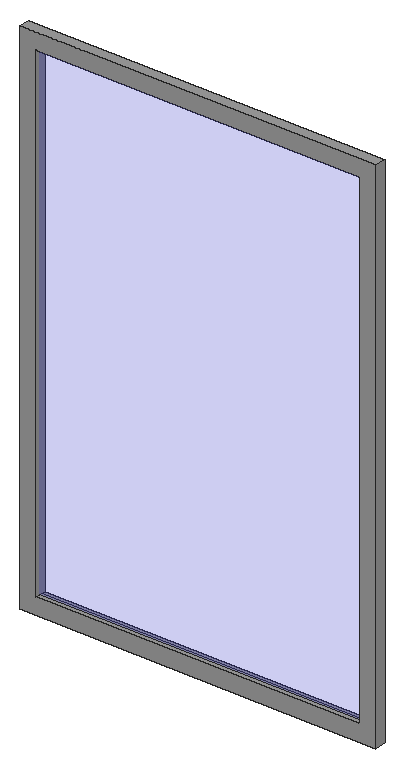
Revit family "M_Toldo de parede cortina", category Janelas, Revit 2019
Family settings
  Número OmniClass = 23.30.20.17.21.11
  Título OmniClass = Awning Windows
  ID de item do Seek = Curtain Wall Awning-0000-CAN-ENU
  Sempre na vertical = Sim
  Corte com vazios quando carregada = Não
  Compartilhado = Não
  Ponto de cálculo do ambiente = Não
Parameters
  Visual Light Transmittance = 0.9
  Solar Heat Gain Coefficient = 0.78
  ID do tipo de construção = ""
  Coeficiente de transferência de calor (U) = 3.6886 W/(m²·K)
  Material do painel de vidro = Vidro
  Deslocamento = 75 mm
  Material do caixilho = Alumín. 1
  Largura do caixilho = 75 mm
  Espessura = 50 mm
  Construção analítica = Vidraça única Pilkington 1/8 pol
Reference planes
  plane 1: y = 0
  plane 2: z = 0
  plane 3: x = 0
  plane 4: x = -831.877
  plane 5: x = 831.877
  plane 6: z = 2438.4
  plane 7: y = 75
  plane 8: y = 25
  plane 9: z = 2363.4
  plane 10: z = 75
  plane 11: x = 756.877
  plane 12: x = -756.877
  plane 13 "Fechamento": y = 44.05
Forms (mm)
  Extrusion 1, solid, material "Alumín. 1" <- "Material do caixilho"
    sketch origin (0, 0, 0) x (0, 0, -1) y (1, 0, 0)
      loop
        line (-2438.4, 831.877) -> (-2438.4, -831.877) -> (0, -831.877) -> (0, 831.877) -> (-2438.4, 831.877)
      loop
        line (-2363.4, 756.877) -> (-2363.4, -756.877) -> (-75, -756.877) -> (-75, 756.877) -> (-2363.4, 756.877)
    from -75 to -25
  Extrusion 2, solid, material "Vidro" <- "Material do painel de vidro"
    sketch origin (0, 25, 0) x (0, 0, -1) y (1, 0, 0)
      loop
        line (-2363.4, -756.877) -> (-75, -756.877) -> (-75, 756.877) -> (-2363.4, 756.877) -> (-2363.4, -756.877)
    from -31.75 to -19.05
Lines and regions (mm)
  symbolic lines, style "WindowsFrameMullionProjection"
    curve 1: line (756.877, 75, 0) -> (-756.877, 75, 0)
    curve 2: line (831.877, 25, 0) -> (831.877, 75, 0)
    curve 3: line (-756.877, 25, 0) -> (756.877, 25, 0)
    curve 4: line (-831.877, 75, 0) -> (-831.877, 25, 0)
    curve 9: line (-831.877, 75, 0) -> (-756.877, 75, 0)
    curve 10: line (-831.877, 25, 0) -> (-831.877, 75, 0)
    curve 11: line (-756.877, 25, 0) -> (-831.877, 25, 0)
    curve 12: line (-756.877, 75, 0) -> (-756.877, 25, 0)
    curve 13: line (831.877, 75, 0) -> (756.877, 75, 0)
    curve 14: line (831.877, 25, 0) -> (831.877, 75, 0)
    curve 15: line (756.877, 25, 0) -> (831.877, 25, 0)
    curve 16: line (756.877, 75, 0) -> (756.877, 25, 0)
  symbolic lines, style "Giro da elevação"
    curve 5: line (756.877, 0, 75) -> (7.617, 0, 2363.4)
    curve 6: line (-756.877, 0, 75) -> (7.617, 0, 2363.4)
    curve 7: line (756.877, 75, 75) -> (7.617, 75, 2363.4)
    curve 8: line (-756.877, 75, 75) -> (7.617, 75, 2363.4)
  symbolic lines, style "WindowsGlassProjection"
    curve 17: line (-756.877, 49.6, 0) -> (756.877, 49.6, 0)
Text (mm)
  text "Exterior" at (-205.379, 797.241, 0), in view "Linha base"
Dimensions and locks
  equal spacing: plane 4, plane 3, plane 5
  "Deslocamento": plane 1 to plane 7
  "Espessura": plane 8 to plane 7
  "Largura do caixilho": plane 11 to plane 5
  "Largura do caixilho": plane 4 to plane 12
  "Largura do caixilho": plane 9 to plane 6
  "Largura do caixilho": plane 2 to plane 10
  Extrusion 2 to Extrusion 2 to plane 7 = 12.7 mm, 18.25 mm
  locked: plane 13 "Fechamento" to plane 7 at 30.95
  aligned and locked: Extrusion 1 to plane 7
  aligned and locked: plane 8 to Extrusion 1
Automatic sketch dimensions
  Extrusion 1 sketch curve to plane 4 = 0 mm
  Extrusion 1 sketch curve to plane 6 = 0 mm
  Extrusion 1 sketch curve to plane 9 = 0 mm
  Extrusion 1 sketch curve to plane 10 = 0 mm
  Extrusion 1 sketch curve to level = 0 mm
  Extrusion 1 sketch curve to plane 12 = 0 mm
  Extrusion 1 sketch curve to plane 11 = 0 mm
  Extrusion 1 sketch curve to plane 5 = 0 mm
  Extrusion 2 sketch curve to plane 9 = 0 mm
  Extrusion 2 sketch curve to plane 10 = 0 mm
  Extrusion 2 sketch curve to plane 12 = 0 mm
  Extrusion 2 sketch curve to plane 11 = 0 mm
  curve 5 to plane 9 = 0 mm
  curve 7 to plane 9 = 0 mm
  curve 7 to plane 10 = 0 mm
  curve 8 to plane 10 = 0 mm
  curve 6 to plane 10 = 0 mm
  curve 5 to plane 10 = 0 mm
  curve 6 to plane 12 = 0 mm
  curve 8 to plane 12 = 0 mm
  curve 7 to plane 11 = 0 mm
  curve 5 to plane 11 = 0 mm
  plane 3 to curve 6 = 7.617 mm
  curve 7 to curve 6 = 0 mm
  curve 11 to plane 4 = 0 mm
  curve 12 to plane 7 = 0 mm
  curve 12 to plane 12 = 0 mm
  curve 3 to plane 8 = 0 mm
  curve 1 to plane 11 = 0 mm
  curve 13 to plane 5 = 0 mm
  plane 13 "Fechamento" to curve 17 = 5.55 mm
